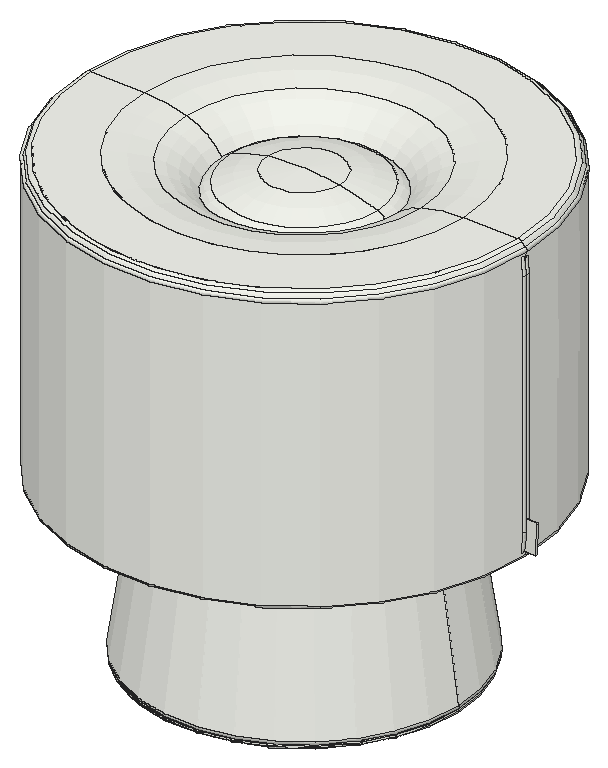
Revit family "Pip_Ottoman", category Furniture, Revit 2018
Family settings
  OmniClass Number = 23.40.20.00
  OmniClass Title = General Furniture and Specialties
  Work Plane-Based = No
  Always vertical = Yes
  Cut with Voids When Loaded = No
  Shared = No
  Room Calculation Point = No
Parameters
  Width = 441.754 mm
  URL = "https://neildavid.com/item/x-lounge-chair/"
  Ottoman = Pure White
  Model = ""
  Manufacturer = "Neil David B.V."
  Length = 441.754 mm
  Height = 440.892 mm
  Bush = Jet Black
Reference planes
  plane 1 "Center (Front/Back)": y = 0
  plane 2: z = 0
  plane 3 "Center (Left/Right)": x = 0
  plane 4: z = 440.892
  plane 5: x = -220.877
  plane 6: x = 220.877
  plane 7: y = -220.877
  plane 8: y = 220.877
Forms (mm)
  Revolve 1, solid, material "Pure White" <- "Ottoman"
    sketch origin (0, 0, 0) x (1, 0, 0) y (0, 0, 1)
      loop
        line (-127.209, 165) -> (-151.095, 11.453)
        arc (-151.095, 11.453) -> (-150.411, 9.046) -> (-148.137, 8) r 2.993
        line (-148.137, 8) -> (0, 8) -> (0, 165) -> (-127.209, 165)
      axis (0, 8) -> (0, 165)
    angle from 0 to 360
  Revolve 2, solid, material "Pure White" <- "Ottoman"
    sketch origin (0, 0, 0) x (1, 0, 0) y (0, 0, 1)
      loop
        arc (-149.4, 8) -> (-149.824, 7.824) -> (-150, 7.4) r 0.6
        line (-150, 7.4) -> (-150, 5.583)
        arc (-150, 5.583) -> (-149.829, 5.171) -> (-149.417, 5) r 0.583
        line (-149.417, 5) -> (0, 5) -> (0, 8) -> (-149.4, 8)
      axis (0, 5) -> (0, 8)
    angle from 0 to 360
  Revolve 3, solid, material "Jet Black" <- "Bush"
    sketch origin (0, 0, 0) x (1, 0, 0) y (0, 0, 1)
      loop
        line (-140, 5) -> (-140, 1.23)
        arc (-140, 1.23) -> (-139.64, 0.36) -> (-138.77, 0) r 1.23
        line (-138.77, 0) -> (-130, 0) -> (-130, 5) -> (-140, 5)
      axis (-130, 0) -> (-130, 5)
    angle from 0 to 360
  Revolve 4, solid, material "Jet Black" <- "Bush"
    sketch origin (0, 0, 0) x (-1, 0, 0) y (0, 0, 1)
      loop
        line (-140, 5) -> (-140, 1.23)
        arc (-140, 1.23) -> (-139.64, 0.36) -> (-138.77, 0) r 1.23
        line (-138.77, 0) -> (-130, 0) -> (-130, 5) -> (-140, 5)
      axis (-130, 0) -> (-130, 5)
    angle from 0 to 360
  Revolve 5, solid, material "Jet Black" <- "Bush"
    sketch origin (-130, 130, 0) x (-1, 0, 0) y (0, 0, 1)
      loop
        line (-140, 5) -> (-140, 1.23)
        arc (-140, 1.23) -> (-139.64, 0.36) -> (-138.77, 0) r 1.23
        line (-138.77, 0) -> (-130, 0) -> (-130, 5) -> (-140, 5)
      axis (-130, 0) -> (-130, 5)
    angle from 0 to 360
  Revolve 6, solid, material "Jet Black" <- "Bush"
    sketch origin (-130, -130, 0) x (-1, 0, 0) y (0, 0, 1)
      loop
        line (-140, 5) -> (-140, 1.23)
        arc (-140, 1.23) -> (-139.64, 0.36) -> (-138.77, 0) r 1.23
        line (-138.77, 0) -> (-130, 0) -> (-130, 5) -> (-140, 5)
      axis (-130, 0) -> (-130, 5)
    angle from 0 to 360
  Extrusion 7, solid, material "Pure White" <- "Ottoman"
    sketch origin (0, 9.03, 0.363) x (1, 0, 0) y (0, -0.04478, 0.998997)
      loop
        arc (216.463, 200.917) -> (215.945, 200.714) -> (215.703, 200.213) r 0.762
        line (215.703, 200.213) -> (213.533, 171.679)
        arc (213.533, 171.679) -> (213.691, 171.226) -> (214.131, 171.033) r 0.6
        line (214.131, 171.033) -> (227.95, 171.033)
        arc (227.95, 171.033) -> (228.358, 171.193) -> (228.549, 171.588) r 0.6
        line (228.549, 171.588) -> (230.732, 200.299)
        arc (230.732, 200.299) -> (230.581, 200.733) -> (230.16, 200.917) r 0.574
        line (230.16, 200.917) -> (216.463, 200.917)
    from 3.11 to 3.61
  Sweep 8, solid, material "Pure White" <- "Ottoman"
    path origin (0, 0, 0) x (1, 0, 0) y (0, 0, 1)
      loop
        spline (217.289, 430.241) -> (217.581, 429.713) -> (217.831, 429.028) -> (218.055, 428.177) -> (218.265, 427.151) -> (218.474, 425.944) -> (218.696, 424.547) -> (218.93, 422.983) -> (219.163, 421.304) -> (219.383, 419.565) -> (219.576, 417.817) -> (219.728, 416.116) -> (219.827, 414.514)
        arc (219.827, 414.514) -> (222.281, 302.212) -> (219.83, 189.909) r 2572.788
        spline (219.83, 189.909) -> (219.709, 187.457) -> (219.568, 185.126) -> (219.411, 182.933) -> (219.243, 180.894) -> (219.067, 179.029) -> (218.889, 177.354) -> (218.711, 175.887) -> (218.521, 174.61) -> (218.285, 173.465) -> (217.969, 172.392) -> (217.538, 171.331) -> (216.958, 170.221)
    profile origin (222.281, 0, 302.212) x (1, 0, 0.000016) y (0, -1, 0)
      loop
        arc (-1.28, -1.719) -> (-0.38, -0.007) -> (-1.28, 1.704) r 2.078
        line (-1.28, 1.704) -> (-1.28, -1.719)
      loop
        arc (-1.358, 2.279) -> (-0.38, 4.042) -> (-1.358, 5.804) r 2.078
        line (-1.358, 5.804) -> (-1.358, 2.279)
  Sweep 9, solid, material "Pure White" <- "Ottoman"
    path origin (-143.18, 72.256, -0.391) x (-0.882948, 0.469472, 0) y (0, 0, -1)
      loop
        line (-35.517, -165) -> (-34.824, -160.541) -> (-34.146, -156.184) -> (-20.922, -71.17) -> (-16.226, -40.987) -> (-11.632, -11.461)
    profile origin (-130.882, 65.717, 25.833) x (0.872449, -0.463889, -0.153753) y (-0.469472, -0.882948, 0)
      loop
        line (0, 0) -> (-2.36, 0)
        arc (-2.36, 0) -> (-3.456, -1.808) -> (-2.36, -3.616) r 2.039
        line (-2.36, -3.616) -> (0, -3.616) -> (0, 0)
      loop
        line (-0.019, -3.999) -> (-2.294, -3.999)
        arc (-2.294, -3.999) -> (-3.39, -5.807) -> (-2.294, -7.615) r 2.039
        line (-2.294, -7.615) -> (-0.019, -7.615) -> (-0.019, -3.999)
  Revolve 10, solid, material "Pure White" <- "Ottoman"
    sketch origin (0, 0, 0) x (1, 0, 0) y (0, 0, 1)
      loop
        line (-155.738, 440.892) -> (-208.719, 440.892)
        arc (-208.719, 440.892) -> (-210.942, 440.49) -> (-212.883, 439.336) r 6.35
        arc (-212.883, 439.336) -> (-214.333, 437.767) -> (-215.407, 435.919) r 9.757
        arc (-215.407, 435.919) -> (-217.131, 434.563) -> (-217.132, 432.369) r 2.511
        arc (-217.132, 432.369) -> (-220.896, 299.658) -> (-216.987, 166.951) r 2297.276
        arc (-216.987, 166.951) -> (-216.362, 165.611) -> (-214.988, 165.065) r 2.003
        line (-214.988, 165.065) -> (0, 165.065) -> (0, 400.892) -> (-75.4, 400.892)
        arc (-75.4, 400.892) -> (-91.325, 422.385) -> (-114.836, 435.144) r 61.853
        arc (-114.836, 435.144) -> (-135.086, 439.448) -> (-155.738, 440.892) r 148.391
      axis (0, 165.065) -> (0, 440.892)
    angle from 0 to 360
  Revolve 11, solid, material "Pure White" <- "Ottoman"
    sketch origin (0, 0, 0) x (1, 0, 0) y (0, 0, 1)
      loop
        line (-84.441, 405.895) -> (0, 405.895) -> (0, 429.6)
        arc (0, 429.6) -> (-17.657, 429.472) -> (-35.214, 427.592) r 177.736
        arc (-35.214, 427.592) -> (-53.64, 423.515) -> (-71.427, 417.208) r 153.621
        arc (-71.427, 417.208) -> (-78.828, 412.58) -> (-84.441, 405.895) r 27.967
      axis (0, 405.895) -> (0, 429.6)
    angle from 0 to 360
Dimensions and locks
  "Height": plane 4 to plane 2
  "Length": plane 5 to plane 6
  "Width": plane 8 to plane 7
  aligned and locked: level to plane 2
Automatic sketch dimensions
  Revolve 1 sketch curve to plane 3 "Center (Left/Right)" = 0 mm  (x2)
  Revolve 1 sketch curve to plane 5 = 93.668 mm
  level to Revolve 1 sketch curve = 10.993 mm
  Revolve 1 sketch curve to plane 5 = 72.74 mm
  level to Revolve 1 sketch curve = 11.453 mm
  Revolve 1 sketch curve to Revolve 1 sketch curve = 2.958 mm
  Revolve 1 sketch curve to Revolve 1 sketch curve = 157 mm
  Revolve 1 sketch curve to Revolve 1 sketch curve = 52.27 mm
  Revolve 1 sketch curve to Revolve 1 sketch curve = 5 mm
  Revolve 2 sketch curve to plane 3 "Center (Left/Right)" = 0 mm  (x2)
  level to Revolve 2 sketch curve = 8 mm
  Revolve 2 sketch curve to plane 5 = 71.477 mm
  Revolve 2 sketch curve to Revolve 2 sketch curve = 0.017 mm
  Revolve 2 sketch curve to Revolve 2 sketch curve = 0.6 mm
  Revolve 2 sketch curve to Revolve 2 sketch curve = 1.817 mm
  Revolve 2 sketch curve to Revolve 2 sketch curve = 1.247 mm
  Revolve 2 sketch curve to Revolve 2 sketch curve = 0.661 mm
  Revolve 3 sketch curve to level = 0 mm
  level to Revolve 3 sketch curve = 5 mm
  Revolve 3 sketch curve to plane 5 = 80.877 mm
  level to Revolve 3 sketch curve = 1.23 mm
  Revolve 3 sketch curve to Revolve 3 sketch curve = 8.77 mm
  Revolve 3 sketch curve to Revolve 3 sketch curve = 0 mm
  level to Revolve 3 sketch curve = 1.627 mm
  Revolve 3 sketch curve to Revolve 3 sketch curve = 1.305 mm
  Revolve 4 sketch curve to level = 0 mm
  Revolve 4 sketch curve to level = 5 mm
  plane 6 to Revolve 4 sketch curve = 80.877 mm
  Revolve 4 sketch curve to Revolve 4 sketch curve = 1.23 mm
  Revolve 4 sketch curve to Revolve 4 sketch curve = 8.77 mm
  Revolve 4 sketch curve to Revolve 4 sketch curve = 0 mm
  Revolve 4 sketch curve to Revolve 4 sketch curve = 1.627 mm
  Revolve 4 sketch curve to Revolve 4 sketch curve = 1.305 mm
  Revolve 5 sketch curve to level = 0 mm
  Revolve 5 sketch curve to plane 3 "Center (Left/Right)" = 0 mm  (x2)
  Revolve 5 sketch curve to plane 3 "Center (Left/Right)" = 8.77 mm
  Revolve 5 sketch curve to Revolve 5 sketch curve = 1.23 mm
  Revolve 5 sketch curve to Revolve 5 sketch curve = 3.77 mm
  Revolve 5 sketch curve to Revolve 5 sketch curve = 1.627 mm
  Revolve 5 sketch curve to Revolve 5 sketch curve = 1.305 mm
  Revolve 6 sketch curve to level = 0 mm
  Revolve 6 sketch curve to plane 3 "Center (Left/Right)" = 0 mm  (x2)
  plane 3 "Center (Left/Right)" to Revolve 6 sketch curve = 8.77 mm
  Revolve 6 sketch curve to Revolve 6 sketch curve = 1.23 mm
  Revolve 6 sketch curve to Revolve 6 sketch curve = 3.77 mm
  Revolve 6 sketch curve to Revolve 6 sketch curve = 1.627 mm
  Revolve 6 sketch curve to Revolve 6 sketch curve = 1.305 mm
  Extrusion 7 sketch curve to plane 6 = 7.344 mm
  Extrusion 7 sketch curve to Extrusion 7 sketch curve = 0.598 mm  (x2)
  Extrusion 7 sketch curve to plane 6 = 5.174 mm
  Extrusion 7 sketch curve to Extrusion 7 sketch curve = 0.76 mm
  plane 6 to Extrusion 7 sketch curve = 7.073 mm
  plane 6 to Extrusion 7 sketch curve = 9.283 mm
  Extrusion 7 sketch curve to Extrusion 7 sketch curve = 0.573 mm
  Extrusion 7 sketch curve to Extrusion 7 sketch curve = 0.554 mm
  Extrusion 7 sketch curve to Extrusion 7 sketch curve = 0.6 mm
  Extrusion 7 sketch curve to Extrusion 7 sketch curve = 28.522 mm
  Extrusion 7 sketch curve to Extrusion 7 sketch curve = 0.058 mm
  Extrusion 7 sketch curve to Extrusion 7 sketch curve = 0.618 mm
  plane 4 to Sweep 8 sketch curve = 138.722 mm
  plane 5 to Sweep 8 sketch curve = 2129.631 mm
  Sweep 8 sketch curve to plane 6 = 1.05 mm
  Sweep 8 sketch curve to plane 6 = 1.047 mm
  level to Sweep 8 sketch curve = 189.909 mm
  Sweep 8 sketch curve to plane 1 "Center (Front/Back)" = 0.007 mm
  profile plane to Sweep 8 sketch curve = 2.458 mm  (x2)
  profile plane to Sweep 8 sketch curve = 1.358 mm
  Sweep 8 sketch curve to Sweep 8 sketch curve = 0.078 mm
  Sweep 8 sketch curve to plane 1 "Center (Front/Back)" = 1.719 mm
  Sweep 8 sketch curve to Sweep 8 sketch curve = 0.575 mm
  Sweep 8 sketch curve to Sweep 8 sketch curve = 1.762 mm
  Sweep 9 sketch curve to Sweep 9 sketch curve = 30.183 mm
  Sweep 9 sketch curve to profile plane = 0 mm
  profile plane to Sweep 9 sketch curve = 0 mm
  profile plane to Sweep 9 sketch curve = 0.019 mm
  profile plane to Sweep 9 sketch curve = 1.351 mm
  profile plane to Sweep 9 sketch curve = 1.417 mm
  Sweep 9 sketch curve to Sweep 9 sketch curve = 0.943 mm  (x3)
  Sweep 9 sketch curve to Sweep 9 sketch curve = 0.066 mm
  Sweep 9 sketch curve to profile plane = 1.808 mm
  Sweep 9 sketch curve to Sweep 9 sketch curve = 0.383 mm
  Sweep 9 sketch curve to Sweep 9 sketch curve = 1.808 mm
  level to Sweep 9 sketch curve = 40.596 mm
  Sweep 9 sketch curve to Sweep 9 sketch curve = 4.696 mm
  level to Sweep 9 sketch curve = 70.779 mm
  Sweep 9 sketch curve to Sweep 9 sketch curve = 0 mm  (x3)
  level to Sweep 9 sketch curve = 155.793 mm  (x2)
  Sweep 9 sketch curve to Sweep 9 sketch curve = 13.224 mm
  level to Sweep 9 sketch curve = 160.15 mm  (x2)
  Sweep 9 sketch curve to Sweep 9 sketch curve = 0.677 mm
  level to Sweep 9 sketch curve = 164.609 mm
  Sweep 9 sketch curve to Sweep 9 sketch curve = 0.693 mm
  level to Sweep 9 sketch curve = 11.07 mm
  Sweep 9 sketch curve to Sweep 9 sketch curve = 4.594 mm
  Revolve 10 sketch curve to plane 4 = 0 mm
  Revolve 10 sketch curve to plane 3 "Center (Left/Right)" = 0 mm  (x2)
  Revolve 10 sketch curve to plane 3 "Center (Left/Right)" = 75.4 mm
  Revolve 10 sketch curve to Revolve 10 sketch curve = 56.485 mm
  Revolve 10 sketch curve to plane 5 = 65.139 mm
  Revolve 10 sketch curve to plane 5 = 14.392 mm
  Revolve 10 sketch curve to Revolve 10 sketch curve = 2.234 mm
  Revolve 10 sketch curve to plane 5 = 6.004 mm
  Revolve 10 sketch curve to plane 5 = 5.889 mm
  plane 4 to Revolve 10 sketch curve = 139.978 mm
  plane 6 to Revolve 10 sketch curve = 1855.503 mm
  plane 4 to Revolve 10 sketch curve = 148.391 mm
  Revolve 10 sketch curve to Revolve 10 sketch curve = 125.434 mm
  level to Revolve 10 sketch curve = 165.065 mm
  plane 4 to Revolve 10 sketch curve = 65.206 mm
  plane 4 to Revolve 10 sketch curve = 40 mm
  plane 4 to Revolve 10 sketch curve = 8.922 mm
  plane 4 to Revolve 10 sketch curve = 7.427 mm
  Revolve 10 sketch curve to Revolve 10 sketch curve = 2.572 mm
  Revolve 10 sketch curve to Revolve 10 sketch curve = 0 mm  (x2)
  Revolve 10 sketch curve to Revolve 10 sketch curve = 0.534 mm
  Revolve 10 sketch curve to Revolve 10 sketch curve = 105 mm
  Revolve 10 sketch curve to Revolve 10 sketch curve = 45 mm
  Revolve 11 sketch curve to plane 3 "Center (Left/Right)" = 0 mm  (x2)
  Revolve 11 sketch curve to plane 3 "Center (Left/Right)" = 7.541 mm
  Revolve 11 sketch curve to plane 3 "Center (Left/Right)" = 11.296 mm
  Revolve 11 sketch curve to plane 3 "Center (Left/Right)" = 60.48 mm
  Revolve 11 sketch curve to Revolve 11 sketch curve = 23.962 mm
  Revolve 11 sketch curve to Revolve 11 sketch curve = 23.821 mm
  plane 4 to Revolve 11 sketch curve = 49.419 mm
  Revolve 11 sketch curve to Revolve 11 sketch curve = 14.422 mm
  plane 4 to Revolve 11 sketch curve = 11.293 mm
  Revolve 11 sketch curve to Revolve 11 sketch curve = 0 mm  (x2)
  Revolve 11 sketch curve to Revolve 11 sketch curve = 11.203 mm
  Revolve 11 sketch curve to Revolve 11 sketch curve = 5 mm
